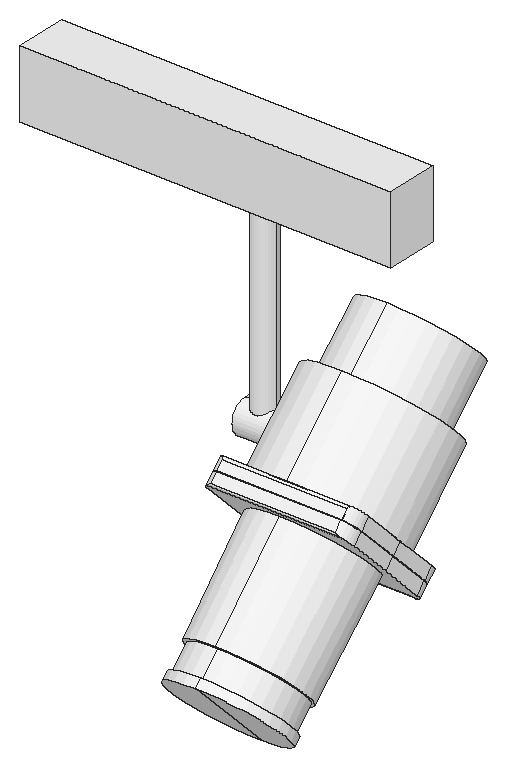
Revit family "A04", category Lighting Fixtures, host Ceiling, Revit 2018
Family settings
  Host = Ceiling
  Round Connector Dimension = Use Diameter
  Part Type = Normal
  OmniClass Number = 23.80.70.11
  OmniClass Title = Luminaries for Internal Lighting
  Always vertical = Yes
  Cut with Voids When Loaded = No
  Light Source = No
  Shared = No
  Room Calculation Point = No
Parameters (values of type "A04-L1800-9TC-277V-92-30-P")
  Wattage Comments = "277"
  Rotation XZ [instance] = 45.00°
  Rotation XY [instance] = 270.00°
  Lamp = ""
  FINISH = P-WHITE
  Constraint XZ [instance] = if(Rotation XZ < 0.00°, 0.00°, if(Rotation XZ > 90.00°, 90.00°, Rotation XZ))  # 45.00°
  Constraint XY [instance] = if(Rotation XY < 0.00°, 0.00°, if(Rotation XY > 340.00°, 340.00°, Rotation XY))  # 270.00°
  CRI = "92"
Types (10): name | Wattage Comments | Rotation XZ | Rotation XY | FINISH | Constraint XZ | Constraint XY
  (no name) | "277" | 45.00° | 270.00° | P-WHITE | 45.00° | 270.00°
  A04-L1800-9TC-120V-92-30-P | "120" | 0.00° | 45.00° | P-WHITE | 0.00° | 45.00°
  A04-L1800-9TC-120V-92-30-MB | "120" | 45.00° | 45.00° | MB-BLACK | 45.00° | 45.00°
  A04-L1800-9TC-120V-92-30-CP | "120" | 45.00° | 270.00° | CP-CUSTOM FINISH | 45.00° | 270.00°
  A04-L1800-9TC-240V-92-30-CP | "240" | 0.00° | 45.00° | CP-CUSTOM FINISH | 0.00° | 45.00°
  A04-L1800-9TC-277V-92-30-CP | "277" | 0.00° | 45.00° | CP-CUSTOM FINISH | 0.00° | 45.00°
  A04-L1800-9TC-240V-92-30-MB | "240" | 0.00° | 45.00° | MB-BLACK | 0.00° | 45.00°
  A04-L1800-9TC-277V-92-30-MB | "277" | 0.00° | 45.00° | MB-BLACK | 0.00° | 45.00°
  A04-L1800-9TC-240V-92-30-P | "240" | 0.00° | 45.00° | P-WHITE | 0.00° | 45.00°
  A04-L1800-9TC-277V-92-30-P | "277" | 45.00° | 270.00° | P-WHITE | 45.00° | 270.00°
Reference planes (in)
  plane 1 "Light Source Axis (F/B)": y = 0
  plane 2 "Ceiling": z = 96
  plane 3 "Light Source Axis (L/R)": x = 0
  plane 4 "Light Source Elevation": z = 96
  plane 5: z = 94.96691
  plane 6: through (-180, -9.36916, 79.49216) normal (0, -0.7071, 0.7071)
Forms (in)
  Extrusion 1, solid, material "P-WHITE" <- "FINISH"
    sketch origin (0, 0, 0) x (1, 0, 0) y (0, 0, 1)
      loop
        line (-4.58839, 97.405) -> (-4.58839, 96) -> (3.02983, 96) -> (3.02983, 97.405) -> (-4.58839, 97.405)
    from -0.53711 to 0.53711
Lines and regions (in)
  reference lines
    curve 1: line (0, 0, 96) -> (0, -4.5, 96)
Dimensions and locks (in)
  equal spacing: host sketch curve, plane 3 "Light Source Axis (L/R)", host sketch curve
  equal spacing: host sketch curve, plane 1 "Light Source Axis (F/B)", host sketch curve
  host sketch curve to host sketch curve = 10' - 0"  (x2)
  "Constraint XY": angle plane 1 "Light Source Axis (F/B)" to curve 1
  aligned and locked: plane 3 "Light Source Axis (L/R)" to curve 1
  aligned and locked: plane 1 "Light Source Axis (F/B)" to curve 1
Automatic sketch dimensions
  Extrusion 1 sketch curve to plane 2 "Ceiling" = 0' - 0"
  Extrusion 1 sketch curve to plane 3 "Light Source Axis (L/R)" = 0' - 4.58839"
  plane 3 "Light Source Axis (L/R)" to Extrusion 1 sketch curve = 0' - 3.02983"
  plane 2 "Ceiling" to Extrusion 1 sketch curve = 0' - 1.405"
Nested families (in)
  nested 1: "STEM LAMP_A04" at (0, 0, 96) x (-1, 0, 0) z (0, 0, -1), Rotation XZ <- "Constraint XZ", Material <- "FINISH", type "STEM LAMP_A04"
    with Width_02 0' - 0.7874", Rotation XZ 45.00°, Material P-WHITE, Constraint XZ 45.00°
  nested 2: "A04 IES Data" at (1.86909, -3.27112, 88.57685) x (1, 0, 0) z (0, 0.7071, 0.7071), type "A041_IES"
  nested 3: "LAMP_A04" at (1.86503, 0.32873, 92.1767) x (1, 0, 0) z (0, 0.7071, -0.7071), type "LAMP_A04"
    with Material P-WHITE
Definition of nested family "STEM LAMP_A04"
  Parameters (values of type "STEM LAMP_A04")
    Width_04 = 0' - 0.47244"
    Width_03 = 0' - 0.62992"
    Width_02 [instance] = 0' - 0.7874"
    Width_01 = 0' - 1.06299"
    Widht_02 = 0' - 0.90551"
    Rotation XZ [instance] = 30.00°
    Material [instance] = none
    Default Elevation = 4' - 0"
    Constraint XZ [instance] = if(Rotation XZ < 0.00°, 0.00°, if(Rotation XZ > 90.00°, 90.00°, Rotation XZ))  # 30.00°
  Reference planes (in)
    plane 1 "Center (Front/Back)": y = 0
    plane 2: z = 0
    plane 3 "Center (Left/Right)": x = 0
    plane 4: z = 0.09453
    plane 5: z = 2.11257
    plane 6: y = 0.5315
    plane 7: y = -0.5315
    plane 8: y = 0.49213
    plane 9: y = -0.41339
    plane 10: x = -0.31496
    plane 11: x = 0.31496
    plane 12: x = -0.23622
    plane 13: x = 0.23622
    plane 14 "LAMP_02": y = 0.1382
    plane 15 "LAMP": z = 2.44188
    plane 16: x = -1.86503
    plane 17: z = 4.15203
  Forms (in)
    Extrusion 1, solid
      sketch origin (0, 0, 0) x (1, 0, 0) y (0, 1, 0)
        loop
          line (-48, 48) -> (-48, -48) -> (48, -48) -> (48, 48) -> (-48, 48)
      from 0 to -12
    Extrusion 2, solid, material <- "Material"
      sketch origin (0, 0, 0) x (1, 0, 0) y (0, 1, 0)
        loop
          circle (0, 0) r 0.35433
      from 0 to 0.09453
    Extrusion 3, solid, material <- "Material"
      sketch origin (0, 0, 0) x (1, 0, 0) y (0, 1, 0)
        loop
          circle (0, 0) r 0.24409
      from 0.09453 to 4.17994
    Revolve 4, solid, material <- "Material"
      sketch origin (0, 0, 0) x (-1, 0, 0) y (0, 0, 1)
        loop
          line (-0.4, 4.15203) -> (0.47455, 4.15203) -> (0.47455, 4.50203) -> (-0.38268, 4.50203) -> (-0.4, 4.47203) -> (-0.4, 4.15203)
        axis (0.47455, 4.15203) -> (-0.4, 4.15203)
      angle from 0 to 360
  Cuts and joins
    joined: Extrusion 3, Revolve 4
  Lines and regions (in)
    reference lines
      curve 1: line (-1.86503, 0, 4.15203) -> (-1.86503, -23.28599, 17.5962)
    model lines
      curve 2: line (0.4, 0.1382, 4.15203) -> (-0.19055, 0.1382, 4.15203)
  Dimensions and locks (in)
    plane 4 to plane 2 = 0' - 0.09453"
    plane 5 to Extrusion 1 = 0' - 2.11257"
    equal spacing: plane 6, plane 1 "Center (Front/Back)", plane 7
    "Width_01": plane 6 to plane 7
    equal spacing: plane 11, plane 3 "Center (Left/Right)", plane 10
    equal spacing: plane 13, plane 3 "Center (Left/Right)", plane 12
    "Width_03": plane 11 to plane 10
    "Width_04": plane 13 to plane 12
    "Widht_02": plane 8 to plane 9
    plane 6 to plane 8 = 0' - 0.03937"
    plane 15 "LAMP" to plane 5 to Extrusion 1 = 0' - 0.32931", 0' - 2.11257"
    locked: curve 1 to curve 1 at 26.88834
    "Constraint XZ": angle plane 15 "LAMP" to curve 1
    aligned and locked: plane 2 to Extrusion 1
    aligned and locked: level to Extrusion 1
    aligned and locked: Extrusion 2 to level
    aligned and locked: plane 4 to Extrusion 2
    aligned and locked: Extrusion 3 to plane 4
    aligned and locked: plane 1 "Center (Front/Back)" to curve 1
    aligned and locked: plane 17 to curve 1
  Automatic sketch dimensions
    Extrusion 1 sketch curve to Extrusion 1 sketch curve = 8' - 0"  (x2)
    plane 1 "Center (Front/Back)" to Extrusion 2 sketch curve = 0' - 0"
    Extrusion 2 sketch curve to plane 3 "Center (Left/Right)" = 0' - 0"
    plane 1 "Center (Front/Back)" to Extrusion 3 sketch curve = 0' - 0"
    Extrusion 3 sketch curve to plane 3 "Center (Left/Right)" = 0' - 0"
    plane 11 to Revolve 4 sketch curve = 0' - 0.08504"
    Revolve 4 sketch curve to Revolve 4 sketch curve = 0' - 0.01732"
    Revolve 4 sketch curve to plane 10 = 0' - 0.15959"
    plane 15 "LAMP" to Revolve 4 sketch curve = 0' - 1.71015"
    Revolve 4 sketch curve to Revolve 4 sketch curve = 0' - 0.32"
    Revolve 4 sketch curve to Revolve 4 sketch curve = 0' - 0.35"
    Revolve 4 sketch curve to Revolve 4 sketch curve = 0' - 0"  (x2)
    Revolve 4 sketch curve to Revolve 4 sketch curve = 0' - 0.26647"
    curve 2 to plane 17 = 0' - 0"
    plane 11 to curve 2 = 0' - 0.08504"
    plane 12 to curve 2 = 0' - 0.04567"
    curve 1 to plane 17 = 0' - 0"
    radius of Extrusion 2 sketch curve = 0' - 0.35433"
    radius of Extrusion 3 sketch curve = 0' - 0.24409"
  Nested families (in)
    nested 1: "LAMP_A04" at (-1.86503, 0.40262, 3.91958) x (-1, 0, 0) z (0, 0.5, 0.866), Material <- "Material", type "LAMP_A04"
  Definition of nested family "LAMP_A04"
    Parameters (values of type "LAMP_A04")
      Width_01 = 0' - 3.14961"
      Material [instance] = none
      Default Elevation = 4' - 0"
    Reference planes (in)
      plane 1 "Center (Front/Back)": y = 0
      plane 2: z = 0
      plane 3 "Center (Left/Right)": x = 0
      plane 4: z = 3.00208
      plane 5: z = -3.88768
      plane 6: z = 1.53543
      plane 7: z = -1.53543
      plane 8: z = 0
      plane 9: z = 0
      plane 10: y = 5.18689
      plane 11: y = -1.70287
      plane 12 "Light Source": y = 5.305
      plane 13: y = -0.97504
    Forms (in)
      Extrusion 1, solid
        sketch origin (0, 0, 0) x (1, 0, 0) y (0, 1, 0)
          loop
            line (-48, 48) -> (-48, -48) -> (48, -48) -> (48, 48) -> (-48, 48)
        from 0 to -12
      Revolve 2, solid, material <- "Material"
        sketch origin (0, 0, 0) x (0, 1, 0) y (0, 0, 1)
          loop
            line (1.98746, 1.2355) -> (1.98746, 0.00743) -> (5.09096, 0.00743) -> (5.09096, 1.19493) -> (4.90346, 1.19493) -> (4.90346, 1.12468) -> (4.33996, 1.12468) -> (4.33996, 1.19443) -> (1.98746, 1.2355)
          axis (5.09096, 0.00743) -> (1.98746, 0.00743)
        angle from 0 to 360
      Revolve 3, solid, material <- "Material"
        sketch origin (0, 0, 0) x (0, 1, 0) y (0, 0, 1)
          loop
            line (1.45693, 1.50792) -> (-0.54057, 1.49286) -> (-0.54057, 1.20462) -> (-1.88004, 1.19293) -> (-1.88004, 0.00743) -> (1.45693, 0.00743) -> (1.45693, 1.50792)
          axis (1.45693, 0.00743) -> (-1.88004, 0.00743)
        angle from 0 to 360
      Extrusion 4, solid, material <- "Material"
        sketch origin (0, 0, 0) x (1, 0, 0) y (0, 0, 1)
          loop
            line (-1.50048, 0.00743) -> (-1.50048, -1.14173)
            arc (-1.50048, -1.14173) -> (-1.38517, -1.42012) -> (-1.10678, -1.53543) r 0.3937
            line (-1.10678, -1.53543) -> (1.09172, -1.53543)
            arc (1.09172, -1.53543) -> (1.37011, -1.42012) -> (1.48542, -1.14173) r 0.3937
            line (1.48542, -1.14173) -> (1.48542, 0.00743) -> (1.48542, 1.14173)
            arc (1.48542, 1.14173) -> (1.37011, 1.42012) -> (1.09172, 1.53543) r 0.3937
            line (1.09172, 1.53543) -> (-1.10678, 1.53543)
            arc (-1.10678, 1.53543) -> (-1.38517, 1.42012) -> (-1.50048, 1.14173) r 0.3937
            line (-1.50048, 1.14173) -> (-1.50048, 0.00743)
        from -1.98746 to -1.72985
      Extrusion 5, solid, material <- "Material"
        sketch origin (0, 0, 0) x (1, 0, 0) y (0, 0, 1)
          loop
            line (-1.50048, 0.00743) -> (-1.50048, -1.14173)
            arc (-1.50048, -1.14173) -> (-1.38517, -1.42012) -> (-1.10678, -1.53543) r 0.3937
            line (-1.10678, -1.53543) -> (1.09172, -1.53543)
            arc (1.09172, -1.53543) -> (1.37011, -1.42012) -> (1.48542, -1.14173) r 0.3937
            line (1.48542, -1.14173) -> (1.48542, 0.00743) -> (1.48542, 1.14173)
            arc (1.48542, 1.14173) -> (1.37011, 1.42012) -> (1.09172, 1.53543) r 0.3937
            line (1.09172, 1.53543) -> (-1.10678, 1.53543)
            arc (-1.10678, 1.53543) -> (-1.38517, 1.42012) -> (-1.50048, 1.14173) r 0.3937
            line (-1.50048, 1.14173) -> (-1.50048, 0.00743)
        from -1.72246 to -1.45693
      Extrusion 6, void
        sketch origin (0, 0, 0) x (0, 1, 0) y (0, 0, 1)
          loop
            line (1.72985, 1.50757) -> (1.94884, 1.50375)
            arc (1.94884, 1.50375) -> (1.9762, 1.49195) -> (1.98746, 1.46438) r 0.03937
            line (1.98746, 1.46438) -> (1.98746, 1.55696) -> (1.72985, 1.55696) -> (1.72985, 1.50757)
          loop
            line (1.4985, 1.50431) -> (1.72246, 1.50822) -> (1.72246, 1.58698) -> (1.45693, 1.58698) -> (1.45693, 1.45503)
            arc (1.45693, 1.45503) -> (1.46871, 1.48726) -> (1.4985, 1.50431) r 0.05
          loop
            line (1.72985, -1.4927) -> (1.72985, -1.54209) -> (1.98746, -1.54209) -> (1.98746, -1.44951)
            arc (1.98746, -1.44951) -> (1.9762, -1.47708) -> (1.94884, -1.48888) r 0.03937
            line (1.94884, -1.48888) -> (1.72985, -1.4927)
          loop
            arc (1.51364, -1.48971) -> (1.47404, -1.47781) -> (1.45693, -1.44016) r 0.05
            line (1.45693, -1.44016) -> (1.45693, -1.57211) -> (1.72246, -1.57211) -> (1.72246, -1.49335) -> (1.51364, -1.48971)
        from -5.43508 to 9.84252
    Cuts and joins
      Extrusion 6 cuts Extrusion 4
      Extrusion 6 cuts Extrusion 5
    Dimensions and locks (in)
      plane 4 to Extrusion 1 = 0' - 3.00208"
      Extrusion 1 to plane 5 = 0' - 3.88768"
      equal spacing: plane 6, plane 8, plane 7
      plane 6 to plane 7 = 0' - 3.07087"
      plane 9 to plane 7 = 0' - 1.53543"
      plane 10 to plane 1 "Center (Front/Back)" to plane 11 = 0' - 5.18689" locked, 0' - 1.70287" locked
      aligned and locked: plane 2 to Extrusion 1
      aligned and locked: level to Extrusion 1
Definition of nested family "LAMP_A04"
  Parameters (values of type "LAMP_A04")
    Width_01 = 0' - 3.14961"
    Material [instance] = none
    Default Elevation = 4' - 0"
  Reference planes (in)
    plane 1 "Center (Front/Back)": y = 0
    plane 2: z = 0
    plane 3 "Center (Left/Right)": x = 0
    plane 4: z = 3.00208
    plane 5: z = -3.88768
    plane 6: z = 1.53543
    plane 7: z = -1.53543
    plane 8: z = 0
    plane 9: z = 0
    plane 10: y = 5.18689
    plane 11: y = -1.70287
    plane 12 "Light Source": y = 5.305
    plane 13: y = -0.97504
  Forms (in)
    Extrusion 1, solid
      sketch origin (0, 0, 0) x (1, 0, 0) y (0, 1, 0)
        loop
          line (-48, 48) -> (-48, -48) -> (48, -48) -> (48, 48) -> (-48, 48)
      from 0 to -12
    Revolve 2, solid, material <- "Material"
      sketch origin (0, 0, 0) x (0, 1, 0) y (0, 0, 1)
        loop
          line (1.98746, 1.2355) -> (1.98746, 0.00743) -> (5.09096, 0.00743) -> (5.09096, 1.19493) -> (4.90346, 1.19493) -> (4.90346, 1.12468) -> (4.33996, 1.12468) -> (4.33996, 1.19443) -> (1.98746, 1.2355)
        axis (5.09096, 0.00743) -> (1.98746, 0.00743)
      angle from 0 to 360
    Revolve 3, solid, material <- "Material"
      sketch origin (0, 0, 0) x (0, 1, 0) y (0, 0, 1)
        loop
          line (1.45693, 1.50792) -> (-0.54057, 1.49286) -> (-0.54057, 1.20462) -> (-1.88004, 1.19293) -> (-1.88004, 0.00743) -> (1.45693, 0.00743) -> (1.45693, 1.50792)
        axis (1.45693, 0.00743) -> (-1.88004, 0.00743)
      angle from 0 to 360
    Extrusion 4, solid, material <- "Material"
      sketch origin (0, 0, 0) x (1, 0, 0) y (0, 0, 1)
        loop
          line (-1.50048, 0.00743) -> (-1.50048, -1.14173)
          arc (-1.50048, -1.14173) -> (-1.38517, -1.42012) -> (-1.10678, -1.53543) r 0.3937
          line (-1.10678, -1.53543) -> (1.09172, -1.53543)
          arc (1.09172, -1.53543) -> (1.37011, -1.42012) -> (1.48542, -1.14173) r 0.3937
          line (1.48542, -1.14173) -> (1.48542, 0.00743) -> (1.48542, 1.14173)
          arc (1.48542, 1.14173) -> (1.37011, 1.42012) -> (1.09172, 1.53543) r 0.3937
          line (1.09172, 1.53543) -> (-1.10678, 1.53543)
          arc (-1.10678, 1.53543) -> (-1.38517, 1.42012) -> (-1.50048, 1.14173) r 0.3937
          line (-1.50048, 1.14173) -> (-1.50048, 0.00743)
      from -1.98746 to -1.72985
    Extrusion 5, solid, material <- "Material"
      sketch origin (0, 0, 0) x (1, 0, 0) y (0, 0, 1)
        loop
          line (-1.50048, 0.00743) -> (-1.50048, -1.14173)
          arc (-1.50048, -1.14173) -> (-1.38517, -1.42012) -> (-1.10678, -1.53543) r 0.3937
          line (-1.10678, -1.53543) -> (1.09172, -1.53543)
          arc (1.09172, -1.53543) -> (1.37011, -1.42012) -> (1.48542, -1.14173) r 0.3937
          line (1.48542, -1.14173) -> (1.48542, 0.00743) -> (1.48542, 1.14173)
          arc (1.48542, 1.14173) -> (1.37011, 1.42012) -> (1.09172, 1.53543) r 0.3937
          line (1.09172, 1.53543) -> (-1.10678, 1.53543)
          arc (-1.10678, 1.53543) -> (-1.38517, 1.42012) -> (-1.50048, 1.14173) r 0.3937
          line (-1.50048, 1.14173) -> (-1.50048, 0.00743)
      from -1.72246 to -1.45693
    Extrusion 6, void
      sketch origin (0, 0, 0) x (0, 1, 0) y (0, 0, 1)
        loop
          line (1.72985, 1.50757) -> (1.94884, 1.50375)
          arc (1.94884, 1.50375) -> (1.9762, 1.49195) -> (1.98746, 1.46438) r 0.03937
          line (1.98746, 1.46438) -> (1.98746, 1.55696) -> (1.72985, 1.55696) -> (1.72985, 1.50757)
        loop
          line (1.4985, 1.50431) -> (1.72246, 1.50822) -> (1.72246, 1.58698) -> (1.45693, 1.58698) -> (1.45693, 1.45503)
          arc (1.45693, 1.45503) -> (1.46871, 1.48726) -> (1.4985, 1.50431) r 0.05
        loop
          line (1.72985, -1.4927) -> (1.72985, -1.54209) -> (1.98746, -1.54209) -> (1.98746, -1.44951)
          arc (1.98746, -1.44951) -> (1.9762, -1.47708) -> (1.94884, -1.48888) r 0.03937
          line (1.94884, -1.48888) -> (1.72985, -1.4927)
        loop
          arc (1.51364, -1.48971) -> (1.47404, -1.47781) -> (1.45693, -1.44016) r 0.05
          line (1.45693, -1.44016) -> (1.45693, -1.57211) -> (1.72246, -1.57211) -> (1.72246, -1.49335) -> (1.51364, -1.48971)
      from -5.43508 to 9.84252
  Cuts and joins
    Extrusion 6 cuts Extrusion 4
    Extrusion 6 cuts Extrusion 5
  Dimensions and locks (in)
    plane 4 to Extrusion 1 = 0' - 3.00208"
    Extrusion 1 to plane 5 = 0' - 3.88768"
    equal spacing: plane 6, plane 8, plane 7
    plane 6 to plane 7 = 0' - 3.07087"
    plane 9 to plane 7 = 0' - 1.53543"
    plane 10 to plane 1 "Center (Front/Back)" to plane 11 = 0' - 5.18689" locked, 0' - 1.70287" locked
    aligned and locked: plane 2 to Extrusion 1
    aligned and locked: level to Extrusion 1
Definition of nested family "A04 IES Data"
  Parameters (values of type "C71_IES")
    Wattage = 30.5556 W
    built-in parameter 1150110 = 1 (stored number, unit not read)
    built-in parameter 1114217 = 1 (stored number, unit not read)
    Tilt Angle = 90.00°
    built-in parameter 1150109 = 1 (stored number, unit not read)
    built-in parameter 1150134 = (empty or 0)
    built-in parameter 1150113 = 1 (stored number, unit not read)
    built-in parameter 1010507 = 1.5708 (stored number, unit not read)
    built-in parameter 1010506 = 0.5236 (stored number, unit not read)
    Model = ""
    Manufacturer = ""
    built-in parameter 1150105 = 10030.7 (stored number, unit not read)
    Lumens = 3000 lm
    built-in parameter 1150115 = 1 (stored number, unit not read)
    Light Source Symbol Length = 10' - 0"
    built-in parameter 1150137 = (empty or 0)
    built-in parameter 1150139 = (empty or 0)
    built-in parameter 1150112 = 1 (stored number, unit not read)
    built-in parameter 1150114 = 1 (stored number, unit not read)
    Lamp = ""
    built-in parameter 1150132 = 2
    built-in parameter 1150102 = (empty or 0)
    built-in parameter 1150107 = 3000 (stored number, unit not read)
    built-in parameter 1150138 = (empty or 0)
    built-in parameter 1150106 = 100.31 (stored number, unit not read)
    Emit from Circle Diameter = 0' - 2.95276"
    Emit Shape Visible in Rendering = no
    built-in parameter 1150104 = 9.1214 (stored number, unit not read)
    Dimming Lamp Color Temperature Shift = (empty or 0)
    Description = ""
    Default Elevation = 0' - 0"
    Content Creator = ""
    Color Filter = 16777215
    built-in parameter 1114218 = 1 (stored number, unit not read)
    built-in parameter 1150133 = 10 (stored number, unit not read)
    Apparent Load = 27.5 VA
  Reference planes (in)
    plane 1 "Center (Front/Back)": y = 0
    plane 2: z = 0
    plane 3 "Center (Left/Right)": x = 0
  Forms (in)
    Extrusion 1, solid
      sketch origin (0, 0, 0) x (1, 0, 0) y (0, 1, 0)
        loop
          line (-48, 48) -> (-48, -48) -> (48, -48) -> (48, 48) -> (-48, 48)
      from 0 to 4.87962
  Dimensions and locks (in)
    aligned and locked: plane 2 to Extrusion 1
    aligned and locked: level to Extrusion 1
